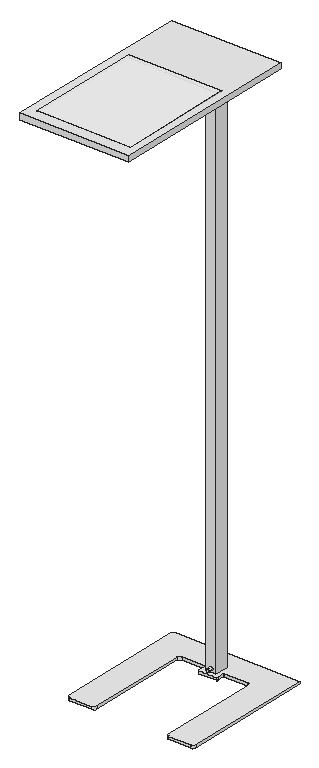
Revit family "0060785 Sylvania Lighting Fixture FREEOFFICE DIRECT INDIRECT 12KLM GREY UK", category Lighting Fixtures, host Face, Revit 2016
Family settings
  Host = Face
  Part Type = Normal
  Round Connector Dimension = Use Diameter
  OmniClass Number = 23.80.70.11.17
  OmniClass Title = Specialized Lighting by Location or Use
  Cut with Voids When Loaded = No
  Light Source = Yes
  Shared = No
  Room Calculation Point = No
Parameters (values of type "0060785 FREEOFFICE D/I 12 GREY UK")
  Weight = "22.8 kg"
  Wattage = 93 W
  WarrantyStartDate [instance] = "n/a"
  WarrantyGuarantorParts = "n/a"
  WarrantyDurationUnit = "n/a"
  WarrantyDurationParts = "n/a"
  WarrantyDescription = "n/a"
  built-in parameter 1150110 = 1 (stored number, unit not read)
  Voltage = 230 V
  TypeName = "FREEOFFICE DIRECT/INDIRECT 12KLM GREY UK"
  built-in parameter 1114217 = 1 (stored number, unit not read)
  Tilt Angle = -90°
  built-in parameter 1150109 = 1 (stored number, unit not read)
  built-in parameter 1150134 = 12
  built-in parameter 1150113 = 1 (stored number, unit not read)
  SerialNumber [instance] = "n/a"
  Radius_FEILO = 165.0 mm
  URL = "http://www.sylvania-lighting.com"
  PowerFactor = 0.96
  PowerConsumption = "93 W"
  Photometric Web File = "0060785.ies"
  PIR_SYL = no
  NominalWidth = 0.0 mm
  NominalLength = 690.0 mm
  NominalHeight = 2030.0 mm
  Name = "FREEOFFICE DIRECT/INDIRECT 12KLM GREY UK"
  ModelReference = "FREEOFFICE DIRECT/INDIRECT 12KLM GREY UK"
  ModelNumber = "0060785"
  Material_3_SYL = Body-Sylvania-FreeOffice-BLK
  Material_2_SYL = Polycarbonate_Sylvania_Sylcircle_Opal
  Material_1_SYL = Body-Sylvania-FreeOffice-GR
  Material = "head and pole : powder coated aluminium. stand: powder coated steel housing, pmma diffuser"
  ManufacturerName = "Feilo Sylvania"
  LuminousEfficacy = "131 lm/W"
  built-in parameter 1150105 = 3688.2 (stored number, unit not read)
  Lumens = 12183 lm
  LuminaireType = ""
  built-in parameter 1150115 = 1 (stored number, unit not read)
  LightOutputRatio = "n/a"
  built-in parameter 1150137 = (empty or 0)
  built-in parameter 1150139 = (empty or 0)
  LampsType = Lamp  # "LED"
  LampNominalLuminous = "12150 lm"
  LampMacAdamStep = "3"
  LampColourTemperature = "4000 K"
  LampColourRenderingIndex = "80"
  built-in parameter 1150112 = 1 (stored number, unit not read)
  built-in parameter 1150114 = 1 (stored number, unit not read)
  Keynote = "16500"
  InstallationDate [instance] = "n/a"
  InputVoltage = "220-240V~"
  InputNominalFrequency = "50/60 Hz"
  built-in parameter 1150132 = (empty or 0)
  built-in parameter 1150102 = (empty or 0)
  built-in parameter 1150107 = 4000 (stored number, unit not read)
  built-in parameter 1150138 = (empty or 0)
  IngressProtection = "IP20"
  ImpactProtectionIndex = "IK02"
  built-in parameter 1150106 = 36.882 (stored number, unit not read)
  IfcExportType = "IfcLightFixtureType"
  IfcExportAs = "IfcLightFixtureType"
  Height_FEILO = 96.0 mm
  ExpectedLife = 50000
  Emit from Rectangle Width = 340.1 mm
  Emit from Rectangle Length = 564.6 mm
  Emit Shape Visible in Rendering = no
  ElectricShockClassification = "Class I"
  built-in parameter 1150104 = 12.17 (stored number, unit not read)
  DurationUnit = "hours"
  DocumentationLiterature = "http://www.sylvania-lighting.com/product/en-int/products/0060785"
  DimmingControlOptions = "Dimmable"
  Dimming Lamp Color Temperature Shift = <None>
  Diameter_FEILO = 2 * Radius_FEILO  # 330.0 mm
  CreatedOn = "12/5/2018"
  CreatedBy = "@sylvania-lighting.com"
  Color Filter = 16777215
  built-in parameter 1114216 [instance] = 1 (stored number, unit not read)
  Model = "FREEOFFICE DIRECT/INDIRECT 12KLM GREY UK"
  Manufacturer = "Feilo Sylvania"
  Lamp = "LED"
  Description = "FREEOFFICE DIRECT/INDIRECT 12KLM GREY UK is a highly efficient free-standing floor lamp providing optimal illumination for single and twin workstations. 80% uplight and 20% downlight ratio for ambient and task lighting from a single luminaire. Microprismatic PMMA optics for advanced glare control. Grey RAL7035 powder coated luminaire body. Aluminium head and pole for high-quality appearance, steel stand for higher stability. Luminaire dimensions: Head: 690x397x25mm, Stand: 480x460x16mm, Pole: 55x35x2030mm. Operated and dimmed with a push button located in the pole at a height suitable to be used with adjustable height desks. Up and downlight dims together. 4000K Neutral White LED, CRI>80, chromaticity tolerance: SDCM<3. Luminous flux: 12150lm. Power consumption 93W. Luminaire efficacy: 131lm/W. Lumen maintenance: L80B50=55000h. UGR<16, Luminance at 65°<3000 cd/m2. IK02, IP20. Photobiological safety risk group 0. Electrical protection: Class I. Glow wire test: 650°C. Supplied with 3m cable with BS 1363 plug."
  Default Elevation = 0.0 mm
  built-in parameter 1140040 [instance] = 1
  BarCode [instance] = "n/a"
  built-in parameter 1114218 = 1 (stored number, unit not read)
  built-in parameter 1150133 = 10 (stored number, unit not read)
  AssetType = "Fixed"
  AssetIdentifier [instance] = "n/a"
  Assembly Code = "D5020200"
  Apparent Load = 93 VA
Reference planes
  plane 1 "Center (Front/Back)": y = 0
  plane 2: z = 0
  plane 3 "Center (Left/Right)": x = 0
  plane 4: z = 2030
  plane 5: x = 230
  plane 6: x = -230
  plane 7: x = 18
  plane 8: x = -18
  plane 9: x = -198.5
  plane 10: x = 198.5
  plane 11: y = 25
  plane 12: y = -25
  plane 13: y = -390.174
  plane 14: y = 89.826
  plane 15: y = -645
  plane 16: y = 44
  plane 17: z = 9
  plane 18: z = 2010
  plane 19: y = -187.327
  plane 20: y = -603.8
  plane 21: x = -170.03
  plane 22: x = 170.03
  plane 23: y = -39.174
  plane 24: z = 2020
  plane 25: x = 130
  plane 26: x = -130
  plane 27: y = -10.174
  plane 28: x = 34
  plane 29: x = -34
  plane 30: y = -39.174
  plane 31: y = -321.487
  plane 32: z = 21
  plane 33: y = -624.4
  plane 34: z = 2009
Forms (mm)
  Extrusion 1, solid, material "Body-Sylvania-FreeOffice-GR" <- "Material_1_SYL"
    sketch origin (-1380.213, -4572, 2010) x (-1, 0, 0) y (0, -1, 0)
      loop
        line (-1181.713, -3927) -> (-1578.713, -3927) -> (-1578.713, -4616) -> (-1181.713, -4616) -> (-1181.713, -3927)
    from 0 to 20
  Extrusion 2, void
    sketch origin (-1380.213, -4572, 2030) x (0, -1, 0) y (-1, 0, 0)
      loop
        line (-4384.673, -1210.183) -> (-4384.673, -1550.243) -> (-3968.2, -1550.243) -> (-3968.2, -1210.183) -> (-4384.673, -1210.183)
    from 0 to 20
  Extrusion 3, void
    sketch origin (-1380.213, -4572, 2010) x (0, -1, 0) y (-1, 0, 0)
      loop
        line (-3968.2, -1210.183) -> (-4532.826, -1210.183) -> (-4532.826, -1550.243) -> (-3968.2, -1550.243) -> (-3968.2, -1210.183)
    from 0 to -10
  Extrusion 4, solid, material "Body-Sylvania-FreeOffice-GR" <- "Material_1_SYL"
    sketch origin (0, 0, 0) x (1, 0, 0) y (0, 1, 0)
      loop
        line (-230, 79.826) -> (-230, -380.174)
        arc (-230, -380.174) -> (-227.071, -387.245) -> (-220, -390.174) r 10
        line (-220, -390.174) -> (-140, -390.174)
        arc (-140, -390.174) -> (-132.929, -387.245) -> (-130, -380.174) r 10
        line (-130, -380.174) -> (-130, -20.174)
        arc (-130, -20.174) -> (-127.071, -13.103) -> (-120, -10.174) r 10
        line (-120, -10.174) -> (-36, -10.174)
        arc (-36, -10.174) -> (-34.586, -10.76) -> (-34, -12.174) r 2
        line (-34, -12.174) -> (-34, -37.174)
        arc (-34, -37.174) -> (-33.414, -38.588) -> (-32, -39.174) r 2
        line (-32, -39.174) -> (32, -39.174)
        arc (32, -39.174) -> (33.414, -38.588) -> (34, -37.174) r 2
        line (34, -37.174) -> (34, -12.174)
        arc (34, -12.174) -> (34.586, -10.76) -> (36, -10.174) r 2
        line (36, -10.174) -> (120, -10.174)
        arc (120, -10.174) -> (127.071, -13.103) -> (130, -20.174) r 10
        line (130, -20.174) -> (130, -380.174)
        arc (130, -380.174) -> (132.929, -387.245) -> (140, -390.174) r 10
        line (140, -390.174) -> (220, -390.174)
        arc (220, -390.174) -> (227.071, -387.245) -> (230, -380.174) r 10
        line (230, -380.174) -> (230, 89.826) -> (-220, 89.826)
        arc (-220, 89.826) -> (-227.071, 86.897) -> (-230, 79.826) r 10
    from 0 to 9
  Extrusion 5, solid, material "Body-Sylvania-FreeOffice-GR" <- "Material_1_SYL"
    sketch origin (645.563, -4597, 9) x (0, -1, 0) y (-1, 0, 0)
      loop
        line (-4622, 663.563) -> (-4622, 627.563) -> (-4572, 627.563) -> (-4572, 663.563) -> (-4622, 663.563)
    from 0 to -2001
  Extrusion 6, solid, material "Body-Sylvania-FreeOffice-GR" <- "Material_1_SYL"
    sketch origin (747.1, -25, 1219.2) x (1, 0, 0) y (0, 0, 1)
      loop
        circle (-747.1, -1198.2) r 5
    from 0 to 14.174
  Extrusion 7, solid, material "Polycarbonate_Sylvania_Sylcircle_Opal" <- "Material_2_SYL"
    sketch origin (-1380.213, -4572, 2030) x (-1, 0, 0) y (0, -1, 0)
      loop
        line (-1550.243, -3968.2) -> (-1550.243, -4384.673) -> (-1210.183, -4384.673) -> (-1210.183, -3968.2) -> (-1550.243, -3968.2)
    from 0 to -10
  Extrusion 8, solid, material "Polycarbonate_Sylvania_Sylcircle_Opal" <- "Material_2_SYL"
    sketch origin (-1380.213, -4572, 2010) x (-1, 0, 0) y (0, -1, 0)
      loop
        line (-1210.183, -4532.826) -> (-1210.183, -3968.2) -> (-1550.243, -3968.2) -> (-1550.243, -4532.826) -> (-1210.183, -4532.826)
    from 0 to 10
  Revolve 9, solid, material "Body-Sylvania-FreeOffice-BLK" <- "Material_3_SYL", visible <- "PIR_SYL"
    sketch origin (747.1, -624.4, 1219.2) x (1, 0, 0) y (0, 0, 1)
      loop
        line (-757.1, 789.8) -> (-754.426, 789.8)
        arc (-754.426, 789.8) -> (-751.007, 787.781) -> (-747.1, 787.079) r 11.221
        line (-747.1, 787.079) -> (-747.1, 790.8) -> (-757.1, 790.8) -> (-757.1, 789.8)
      axis (-747.1, 790.8) -> (-747.1, 787.079)
    angle from 0 to 360
Cuts and joins
  Extrusion 2, Extrusion 3 cuts Extrusion 1
Lines and regions (mm)
  reference lines
    curve 1: circle (0, 0, 21) r 5 normal (0, -1, 0)
    curve 2: circle (0, -624.4, 2010) r 10 normal (0, 0, 1)
Dimensions and locks
  equal spacing: plane 12, plane 1 "Center (Front/Back)", plane 11
  locked: plane 12 to plane 11 at 50
  equal spacing: plane 8, plane 3 "Center (Left/Right)", plane 7
  plane 8 to plane 7 = 36.0 mm
  equal spacing: plane 9, plane 3 "Center (Left/Right)", plane 10
  plane 9 to plane 10 = 397.0 mm
  equal spacing: plane 6, plane 3 "Center (Left/Right)", plane 5
  locked: plane 6 to plane 5 at 460
  locked: plane 4 to plane 2 at 2030
  locked: plane 13 to plane 1 "Center (Front/Back)" at 390.174
  locked: plane 13 to plane 14 at 480
  locked: plane 15 to plane 1 "Center (Front/Back)" at 645
  locked: plane 15 to plane 16 at 689
  locked: plane 17 to plane 2 at 9
  locked: plane 4 to plane 18 at 20
  locked: plane 19 to plane 1 "Center (Front/Back)" at 187.327
  locked: plane 20 to plane 19 at 416.473
  equal spacing: plane 21, plane 3 "Center (Left/Right)", plane 22
  plane 21 to plane 22 = 340.059 mm
  locked: plane 20 to plane 23 at 564.626
  equal spacing: plane 4, plane 24, plane 18
  equal spacing: plane 26, plane 3 "Center (Left/Right)", plane 25
  locked: plane 26 to plane 25 at 260
  locked: plane 27 to plane 14 at 100
  equal spacing: plane 29, plane 3 "Center (Left/Right)", plane 28
  locked: plane 29 to plane 28 at 68
  locked: plane 30 to plane 27 at 29
  equal spacing: plane 20, plane 31, plane 23
  locked: plane 32 to host face at 21
  equal spacing: plane 15, plane 33, plane 20
  locked: Revolve 9 sketch curve to plane 18 at 7.5
  locked: plane 18 to plane 34 at 1
  radius of curve 2 = 10.0 mm
  aligned and locked: plane 2 to host face
  aligned and locked: level to host face
  aligned and locked: plane 15 to Extrusion 1 sketch curve
  aligned and locked: Extrusion 1 sketch curve to plane 9
  aligned and locked: Extrusion 1 sketch curve to plane 16
  aligned and locked: plane 10 to Extrusion 1 sketch curve
  aligned and locked: plane 4 to Extrusion 1
  aligned and locked: Extrusion 1 to plane 18
  aligned and locked: Extrusion 2 sketch curve to plane 19
  aligned and locked: plane 20 to Extrusion 2 sketch curve
  aligned and locked: Extrusion 2 to plane 18
  aligned and locked: plane 4 to Extrusion 2
  aligned and locked: plane 21 to Extrusion 2 sketch curve
  aligned and locked: plane 22 to Extrusion 2 sketch curve
  aligned and locked: Extrusion 3 sketch curve to cut or joined group of Extrusion 1, Extrusion 2, Extrusion 3  (x2)
  aligned and locked: plane 23 to Extrusion 3 sketch curve
  aligned and locked: plane 22 to Extrusion 3 sketch curve
  aligned and locked: Extrusion 3 to plane 18
  aligned and locked: plane 24 to Extrusion 3
  aligned and locked: Extrusion 4 sketch curve to plane 14
  aligned and locked: Extrusion 4 sketch curve to plane 6
  aligned and locked: plane 13 to Extrusion 4 sketch curve  (x2)
  aligned and locked: Extrusion 4 sketch curve to plane 26
  aligned and locked: Extrusion 4 sketch curve to plane 25
  aligned and locked: plane 5 to Extrusion 4 sketch curve
  aligned and locked: plane 29 to Extrusion 4 sketch curve
  aligned and locked: plane 30 to Extrusion 4 sketch curve
  aligned and locked: Extrusion 4 sketch curve to plane 28
  aligned and locked: Extrusion 4 sketch curve to plane 27
  aligned and locked: Extrusion 4 to plane 17
  aligned and locked: Extrusion 4 to level
  aligned and locked: Extrusion 5 sketch curve to plane 8
  aligned and locked: plane 7 to Extrusion 5 sketch curve
  aligned and locked: plane 18 to Extrusion 5
  aligned and locked: plane 11 to Extrusion 5 sketch curve
  aligned and locked: Extrusion 5 sketch curve to plane 12
  aligned and locked: plane 24 to imposter light
  aligned and locked: imposter light to plane 3 "Center (Left/Right)"
  aligned and locked: imposter light to plane 31
  aligned and locked: Extrusion 6 sketch curve to curve 1
  aligned and locked: Extrusion 6 to plane 12
  aligned and locked: Extrusion 6 to cut or joined group of Extrusion 1, Extrusion 2, Extrusion 3
  aligned and locked: Extrusion 7 sketch curve to cut or joined group of Extrusion 1, Extrusion 2, Extrusion 3  (x4)
  aligned and locked: Extrusion 7 to plane 4
  aligned and locked: Extrusion 7 to cut or joined group of Extrusion 1, Extrusion 2, Extrusion 3
  aligned and locked: Extrusion 8 sketch curve to cut or joined group of Extrusion 1, Extrusion 2, Extrusion 3  (x4)
  aligned and locked: Extrusion 8 to cut or joined group of Extrusion 1, Extrusion 2, Extrusion 3
  aligned and locked: Extrusion 8 to plane 18
  aligned and locked: plane 3 "Center (Left/Right)" to curve 2
  aligned and locked: plane 33 to curve 2
  aligned and locked: plane 3 "Center (Left/Right)" to Revolve 9 sketch curve  (x2)
  aligned and locked: Revolve 9 sketch curve to plane 3 "Center (Left/Right)"
  aligned and locked: Revolve 9 sketch curve to plane 34
Automatic sketch dimensions
  host sketch curve to host sketch curve = 1305.563 mm
  host sketch curve to host sketch curve = 1283.632 mm
  plane 27 to Extrusion 4 sketch curve = 0.0 mm
  plane 6 to Extrusion 4 sketch curve = 10.0 mm  (x2)
  Extrusion 4 sketch curve to plane 13 = 10.0 mm
  Extrusion 4 sketch curve to plane 26 = 10.0 mm
  Extrusion 4 sketch curve to Extrusion 4 sketch curve = 2.0 mm
  plane 29 to Extrusion 4 sketch curve = 2.0 mm
  Extrusion 4 sketch curve to plane 28 = 2.0 mm
  plane 28 to Extrusion 4 sketch curve = 2.0 mm
  Extrusion 4 sketch curve to plane 25 = 10.0 mm
  Extrusion 4 sketch curve to Extrusion 4 sketch curve = 10.0 mm
  Extrusion 4 sketch curve to plane 5 = 10.0 mm
  curve 1 to plane 3 "Center (Left/Right)" = 0.0 mm
  curve 1 to plane 32 = 0.0 mm
  Revolve 9 sketch curve to plane 18 = 0.0 mm
  Revolve 9 sketch curve to plane 3 "Center (Left/Right)" = 7.326 mm
  Revolve 9 sketch curve to Revolve 9 sketch curve = 2.674 mm
  Revolve 9 sketch curve to level = 94.652 mm
  plane 4 to Revolve 9 sketch curve = 432.257 mm
  radius of curve 1 = 5.0 mm
Connectors
  electrical at (0, -39.174, 21), driven by "PowerFactor", driven by "Voltage", driven by "Apparent Load", driven by "Apparent Load"
    settings: on Extrusion 6, index 1, voltage 230 V, apparent load 93 VA, apparent load phase1 93 VA, apparent load phase2 0 VA, apparent load phase3 0 VA, power factor 0.96, load classification "Other", number of poles 1, system type 30, power factor state 1, is connector primary yes, connector utility no, sub classification motor no, connector description ""
